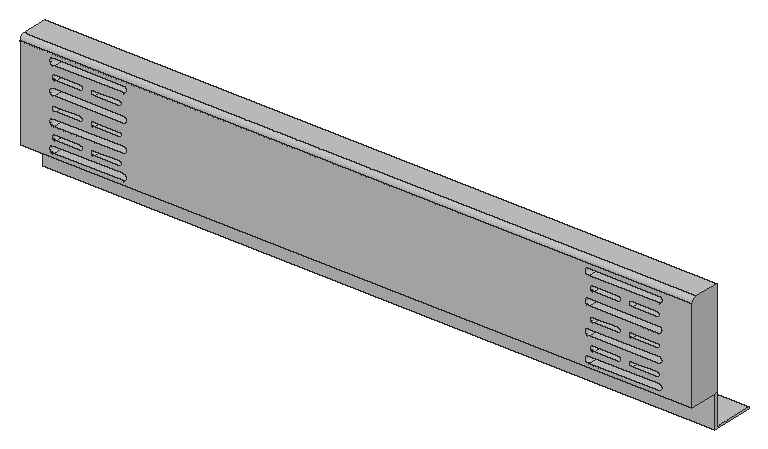
Revit family "QF_Summit_TKW700SS_Wall_Oven_Trim_Kit", category Specialty Equipment, Revit 2020
Family settings
  Round Connector Dimension = Use Diameter
  Part Type = Normal
  Work Plane-Based = No
  Always vertical = Yes
  Cut with Voids When Loaded = No
  Shared = No
  Room Calculation Point = No
Parameters
  Weight in Pounds = 170
  URL Cutsheet = ""
  Specification by User = ""
  Specification by Manufacturer = ""
  Serial Number = ""
  Seismic Rating = ""
  SMACNA No = ""
  Revision Code = ""
  NAFEM Spec ID Number = ""
  Model = "TKW700SS"
  Masterspec = ""
  Manufacturer = "Summit"
  Length = 24"
  Item Number = ""
  Installed By = ""
  Identify Quantity as Lot = yes
  Height = 34 1/2"
  Furnished By = ""
  Foodservice Equipment Identifier = yes
  Description = "Wall Oven Trim Kit"
  Depth = 2 1/2"
  Default Elevation = 0"
  CSI MasterFormat = ""
Reference planes (in)
  plane 1 "BACK": y = 0
  plane 2: z = 0
  plane 3 "LEFT": x = 0
  plane 4 "RIGHT": x = 24
  plane 5 "FRONT": y = -2.5
  plane 6 "TOP": z = 39
  plane 7 "Center Y": x = 12
  plane 8 "Center X": y = -1.25
Forms (in)
  Extrusion 1, solid, material "QF_Metal_Stainless_Polished"
    sketch origin (24, 21.5, 0) x (0, -1, 0) y (0, 0, 1)
      loop
        line (23, 34.375) -> (23, 35.5) -> (22.92101, 35.5) -> (22.92101, 34.4375) -> (21.5, 34.4375) -> (21.5, 34.375) -> (23, 34.375)
    from 0 to 24
  Extrusion 2, solid, material "QF_Metal_Stainless_Polished"
    sketch origin (0, 21.5, 0) x (0, 1, 0) y (0, 0, 1)
      loop
        line (-22.92101, 35.5) -> (-22.92101, 39) -> (-24, 39) -> (-24, 35.5) -> (-22.92101, 35.5)
    from 0 to 24
  Extrusion 3, void
    sketch origin (0, -2.5, 35.5) x (0, 0, -1) y (-1, 0, 0)
      loop
        line (-3.18446, -1.18712) -> (-3.18446, -3.68712)
        arc (-3.18446, -3.68712) -> (-3.05946, -3.81212) -> (-2.93446, -3.68712) r 0.125
        line (-2.93446, -3.68712) -> (-2.93446, -1.18712)
        arc (-2.93446, -1.18712) -> (-3.05946, -1.06212) -> (-3.18446, -1.18712) r 0.125
      loop
        line (-2.21571, -1.18712) -> (-2.21571, -3.68712)
        arc (-2.21571, -3.68712) -> (-2.09071, -3.81212) -> (-1.96571, -3.68712) r 0.125
        line (-1.96571, -3.68712) -> (-1.96571, -1.18712)
        arc (-1.96571, -1.18712) -> (-2.09071, -1.06212) -> (-2.21571, -1.18712) r 0.125
      loop
        line (-1.24696, -1.18712) -> (-1.24696, -3.68712)
        arc (-1.24696, -3.68712) -> (-1.12196, -3.81212) -> (-0.99696, -3.68712) r 0.125
        line (-0.99696, -3.68712) -> (-0.99696, -1.18712)
        arc (-0.99696, -1.18712) -> (-1.12196, -1.06212) -> (-1.24696, -1.18712) r 0.125
      loop
        line (-0.37196, -1.18712) -> (-0.37196, -3.68712)
        arc (-0.37196, -3.68712) -> (-0.24696, -3.81212) -> (-0.12196, -3.68712) r 0.125
        line (-0.12196, -3.68712) -> (-0.12196, -1.18712)
        arc (-0.12196, -1.18712) -> (-0.24696, -1.06212) -> (-0.37196, -1.18712) r 0.125
      loop
        line (-2.65695, -1.25184) -> (-2.65695, -2.15185)
        arc (-2.65695, -2.15185) -> (-2.56695, -2.24185) -> (-2.47695, -2.15185) r 0.09
        line (-2.47695, -2.15185) -> (-2.47695, -1.25184)
        arc (-2.47695, -1.25184) -> (-2.56695, -1.16184) -> (-2.65695, -1.25184) r 0.09
      loop
        line (-2.65695, -2.63336) -> (-2.65695, -3.53337)
        arc (-2.65695, -3.53337) -> (-2.56695, -3.62337) -> (-2.47695, -3.53337) r 0.09
        line (-2.47695, -3.53337) -> (-2.47695, -2.63336)
        arc (-2.47695, -2.63336) -> (-2.56695, -2.54336) -> (-2.65695, -2.63336) r 0.09
      loop
        line (-1.65695, -1.25184) -> (-1.65695, -2.15185)
        arc (-1.65695, -2.15185) -> (-1.56695, -2.24185) -> (-1.47695, -2.15185) r 0.09
        line (-1.47695, -2.15185) -> (-1.47695, -1.25184)
        arc (-1.47695, -1.25184) -> (-1.56695, -1.16184) -> (-1.65695, -1.25184) r 0.09
      loop
        line (-1.65695, -2.63336) -> (-1.65695, -3.53337)
        arc (-1.65695, -3.53337) -> (-1.56695, -3.62337) -> (-1.47695, -3.53337) r 0.09
        line (-1.47695, -3.53337) -> (-1.47695, -2.63336)
        arc (-1.47695, -2.63336) -> (-1.56695, -2.54336) -> (-1.65695, -2.63336) r 0.09
      loop
        line (-0.73511, -1.25184) -> (-0.73511, -2.15185)
        arc (-0.73511, -2.15185) -> (-0.64511, -2.24185) -> (-0.55511, -2.15185) r 0.09
        line (-0.55511, -2.15185) -> (-0.55511, -1.25184)
        arc (-0.55511, -1.25184) -> (-0.64511, -1.16184) -> (-0.73511, -1.25184) r 0.09
      loop
        line (-0.73511, -2.63336) -> (-0.73511, -3.53337)
        arc (-0.73511, -3.53337) -> (-0.64511, -3.62337) -> (-0.55511, -3.53337) r 0.09
        line (-0.55511, -3.53337) -> (-0.55511, -2.63336)
        arc (-0.55511, -2.63336) -> (-0.64511, -2.54336) -> (-0.73511, -2.63336) r 0.09
      loop
        arc (-3.18446, -22.81288) -> (-3.05946, -22.93788) -> (-2.93446, -22.81288) r 0.125
        line (-2.93446, -22.81288) -> (-2.93446, -20.31288)
        arc (-2.93446, -20.31288) -> (-3.05946, -20.18788) -> (-3.18446, -20.31288) r 0.125
        line (-3.18446, -20.31288) -> (-3.18446, -22.81288)
      loop
        arc (-2.21571, -22.81288) -> (-2.09071, -22.93788) -> (-1.96571, -22.81288) r 0.125
        line (-1.96571, -22.81288) -> (-1.96571, -20.31288)
        arc (-1.96571, -20.31288) -> (-2.09071, -20.18788) -> (-2.21571, -20.31288) r 0.125
        line (-2.21571, -20.31288) -> (-2.21571, -22.81288)
      loop
        arc (-1.24696, -22.81288) -> (-1.12196, -22.93788) -> (-0.99696, -22.81288) r 0.125
        line (-0.99696, -22.81288) -> (-0.99696, -20.31288)
        arc (-0.99696, -20.31288) -> (-1.12196, -20.18788) -> (-1.24696, -20.31288) r 0.125
        line (-1.24696, -20.31288) -> (-1.24696, -22.81288)
      loop
        arc (-0.37196, -22.81288) -> (-0.24696, -22.93788) -> (-0.12196, -22.81288) r 0.125
        line (-0.12196, -22.81288) -> (-0.12196, -20.31288)
        arc (-0.12196, -20.31288) -> (-0.24696, -20.18788) -> (-0.37196, -20.31288) r 0.125
        line (-0.37196, -20.31288) -> (-0.37196, -22.81288)
      loop
        arc (-2.65695, -22.74816) -> (-2.56695, -22.83816) -> (-2.47695, -22.74816) r 0.09
        line (-2.47695, -22.74816) -> (-2.47695, -21.84815)
        arc (-2.47695, -21.84815) -> (-2.56695, -21.75815) -> (-2.65695, -21.84815) r 0.09
        line (-2.65695, -21.84815) -> (-2.65695, -22.74816)
      loop
        arc (-2.65695, -21.36664) -> (-2.56695, -21.45664) -> (-2.47695, -21.36664) r 0.09
        line (-2.47695, -21.36664) -> (-2.47695, -20.46663)
        arc (-2.47695, -20.46663) -> (-2.56695, -20.37663) -> (-2.65695, -20.46663) r 0.09
        line (-2.65695, -20.46663) -> (-2.65695, -21.36664)
      loop
        arc (-1.65695, -22.74816) -> (-1.56695, -22.83816) -> (-1.47695, -22.74816) r 0.09
        line (-1.47695, -22.74816) -> (-1.47695, -21.84815)
        arc (-1.47695, -21.84815) -> (-1.56695, -21.75815) -> (-1.65695, -21.84815) r 0.09
        line (-1.65695, -21.84815) -> (-1.65695, -22.74816)
      loop
        arc (-1.65695, -21.36664) -> (-1.56695, -21.45664) -> (-1.47695, -21.36664) r 0.09
        line (-1.47695, -21.36664) -> (-1.47695, -20.46663)
        arc (-1.47695, -20.46663) -> (-1.56695, -20.37663) -> (-1.65695, -20.46663) r 0.09
        line (-1.65695, -20.46663) -> (-1.65695, -21.36664)
      loop
        arc (-0.73511, -22.74816) -> (-0.64511, -22.83816) -> (-0.55511, -22.74816) r 0.09
        line (-0.55511, -22.74816) -> (-0.55511, -21.84815)
        arc (-0.55511, -21.84815) -> (-0.64511, -21.75815) -> (-0.73511, -21.84815) r 0.09
        line (-0.73511, -21.84815) -> (-0.73511, -22.74816)
      loop
        arc (-0.73511, -21.36664) -> (-0.64511, -21.45664) -> (-0.55511, -21.36664) r 0.09
        line (-0.55511, -21.36664) -> (-0.55511, -20.46663)
        arc (-0.55511, -20.46663) -> (-0.64511, -20.37663) -> (-0.73511, -20.46663) r 0.09
        line (-0.73511, -20.46663) -> (-0.73511, -21.36664)
    from 0 to 0.39511
  Extrusion 4, void
    sketch origin (24, 21.5, 0) x (0, 1, 0) y (0, 0, 1)
      loop
        line (-23.82323, 39) -> (-24, 39) -> (-24, 38.82323)
        arc (-24, 38.82323) -> (-23.94823, 38.94823) -> (-23.82323, 39) r 0.17677
    from 0 to -24
Cuts and joins
  Extrusion 3, Extrusion 4 cuts Extrusion 2
Lines and regions (in)
  symbolic lines
    curve 1: line (0, -2.5, 31.125) -> (0, -2.5, 30.125)
    curve 2: line (0, 0, 0) -> (24, 0, 0)
    curve 3: line (0, -2.5, 0) -> (0, 0, 0)
    curve 4: line (24, -2.5, 0) -> (0, -2.5, 0)
    curve 5: line (24, 0, 0) -> (24, -2.5, 0)
    curve 6: line (24, -1.42101, 0) -> (0, -1.42101, 0)
Dimensions and locks (in)
  equal spacing: plane 3 "LEFT", plane 7 "Center Y", plane 4 "RIGHT"
  "Length": plane 3 "LEFT" to plane 4 "RIGHT"
  equal spacing: plane 5 "FRONT", plane 8 "Center X", plane 1 "BACK"
  "Depth": plane 5 "FRONT" to plane 1 "BACK"
  plane 6 "TOP" to level = 39"
  aligned and locked: level to plane 2
Automatic sketch dimensions
  curve 1 to plane 5 "FRONT" = 0"
  curve 1 to curve 1 = 1"
  curve 1 to plane 6 "TOP" = 8 7/8"
  Extrusion 1 sketch curve to plane 1 "BACK" = 0"
  Extrusion 1 sketch curve to plane 8 "Center X" = 0.17101"
  Extrusion 1 sketch curve to Extrusion 1 sketch curve = 0.07899"
  Extrusion 1 sketch curve to plane 6 "TOP" = 4 5/8"
  Extrusion 1 sketch curve to Extrusion 1 sketch curve = 1/16"
  Extrusion 1 sketch curve to Extrusion 1 sketch curve = 1 1/16"
  Extrusion 2 sketch curve to plane 5 "FRONT" = 0"
  Extrusion 2 sketch curve to plane 6 "TOP" = 0"
  Extrusion 2 sketch curve to plane 8 "Center X" = 0.17101"
  Extrusion 2 sketch curve to plane 6 "TOP" = 3 1/2"
  Extrusion 3 sketch curve to Extrusion 2 = 0.31554"  (x2)
  Extrusion 3 sketch curve to Extrusion 3 sketch curve = 1/8"  (x8)
  Extrusion 3 sketch curve to Extrusion 3 sketch curve = 0.2775"  (x3)
  Extrusion 3 sketch curve to Extrusion 3 sketch curve = 0"  (x14)
  Extrusion 3 sketch curve to Extrusion 3 sketch curve = 0.09"  (x12)
  Extrusion 3 sketch curve to Extrusion 3 sketch curve = 0.26124"  (x2)
  Extrusion 3 sketch curve to Extrusion 3 sketch curve = 0.82"
  Extrusion 3 sketch curve to Extrusion 3 sketch curve = 0.30875"  (x2)
  Extrusion 3 sketch curve to Extrusion 3 sketch curve = 0.22999"  (x2)
  Extrusion 3 sketch curve to Extrusion 2 = 0.73511"  (x2)
  Extrusion 3 sketch curve to Extrusion 3 sketch curve = 0.26184"
  Extrusion 3 sketch curve to Extrusion 3 sketch curve = 0.18315"  (x2)
  Extrusion 3 sketch curve to Extrusion 2 = 1.18712"
  Extrusion 3 sketch curve to Extrusion 3 sketch curve = 0.06472"  (x7)
  Extrusion 3 sketch curve to Extrusion 3 sketch curve = 0.90001"  (x7)
  Extrusion 3 sketch curve to Extrusion 3 sketch curve = 0.48151"  (x6)
  Extrusion 3 sketch curve to Extrusion 3 sketch curve = 0.15375"  (x7)
  Extrusion 3 sketch curve to Extrusion 2 = 3.68712"
  Extrusion 4 sketch curve to plane 5 "FRONT" = 0"
  Extrusion 4 sketch curve to plane 6 "TOP" = 0"
  Extrusion 4 sketch curve to plane 5 "FRONT" = 0.17677"
  curve 4 to plane 3 "LEFT" = 0"
  curve 4 to plane 4 "RIGHT" = 0"
  plane 5 "FRONT" to curve 4 = 0"
  plane 1 "BACK" to curve 3 = 0"
  curve 6 to plane 8 "Center X" = 0.17101"
